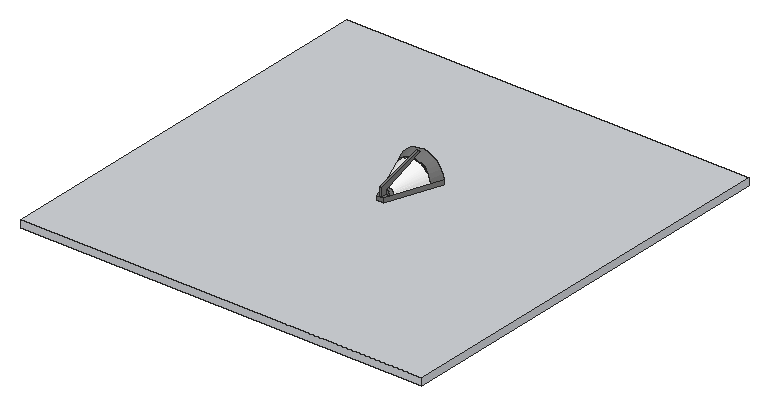
Revit family "Thorn AVENUE WALL", category Lighting Fixtures, host Face, Revit 2016
Family settings
  Host = Face
  Part Type = Normal
  Round Connector Dimension = Use Diameter
  OmniClass Number = 23.80.70.14
  OmniClass Title = Luminaries for External Lighting
  Cut with Voids When Loaded = No
  Light Source = Yes
  Shared = No
  Room Calculation Point = No
Parameters (values of type "AVENUE W300 LED")
  Width = 176 mm  # constant formula
  Wattage Comments = ""
  Wattage = 2.49088 W
  built-in parameter 1150110 = 1 (stored number, unit not read)
  Voltage = 230 V
  URL = "www.thornlighting.com/96258554"
  Type Comments = "© Thorn. We reserve the right to make technical changes without prior notice."  # constant formula
  built-in parameter 1114217 = 1 (stored number, unit not read)
  Tilt Angle = 90.00°
  built-in parameter 1150109 = 1 (stored number, unit not read)
  built-in parameter 1150134 = 3
  built-in parameter 1150113 = 1 (stored number, unit not read)
  Reflector = Thorn_PMMA_Opaque
  Photometric Web File = "96258554_(STD).IES"
  Model = "96258554"
  Manufacturer = "Thorn Lighting"  # constant formula
  built-in parameter 1150105 = 29.444 (stored number, unit not read)
  Lumens = 370 lm
  built-in parameter 1150115 = 1 (stored number, unit not read)
  built-in parameter 1150137 = (empty or 0)
  built-in parameter 1150139 = (empty or 0)
  Length = 313 mm  # constant formula
  built-in parameter 1150112 = 1 (stored number, unit not read)
  built-in parameter 1150114 = 1 (stored number, unit not read)
  Lamp = "LED"
  built-in parameter 1150132 = 2
  built-in parameter 1150102 = (empty or 0)
  built-in parameter 1150107 = 3200 (stored number, unit not read)
  built-in parameter 1150138 = (empty or 0)
  built-in parameter 1150106 = 0.29444 (stored number, unit not read)
  Height = 362 mm  # constant formula
  built-in parameter 1150104 = 13.8 (stored number, unit not read)
  Dimming Lamp Color Temperature Shift = <None>
  Description = "LED luminaire"  # constant formula
  Default Elevation = 0 mm
  Color Filter = 16777215
  Body [instance] = Thorn_Metal_Dark_Grey
  built-in parameter 1114218 = 1 (stored number, unit not read)
  built-in parameter 1150133 = 10 (stored number, unit not read)
  Assembly Code = "D5020200"
  Apparent Load = 15 VA
Reference planes
  plane 1 "Back": z = 0
  plane 2 "Center (Left/Right)": x = 399.5
  plane 3 "Top": z = 176
  plane 4 "Bottom": y = -37
  plane 5: z = 0
  plane 6 "Top Cover": y = 325
  plane 7: y = 144
Forms (mm)
  Extrusion 1, solid
    sketch origin (0, 0, 0) x (1, 0, 0) y (0, 1, 0)
      loop
        line (-1010.5, 1431.145) -> (-1010.5, -1431.145) -> (1809.5, -1431.145) -> (1809.5, 1431.145) -> (-1010.5, 1431.145)
    from 0 to -50
  Extrusion 2, solid, material "Thorn_Metal_Dark_Grey" <- "Body"
    sketch origin (0, 368.199, 0) x (1, 0, 0) y (0, 1, 0)
      loop
        line (527, -48.199) -> (272, -48.199) -> (272, -43.199) -> (244.256, -43.199) -> (376.013, -405.199) -> (422.987, -405.199) -> (554.744, -43.199) -> (527, -43.199) -> (527, -48.199)
    from 0 to 30
  Blend 3, solid, material "Thorn_Metal_Dark_Grey" <- "Body"
    base sketch origin (0, 325, 0) x (-1, 0, 0) y (0, 0, 1)
      loop
        line (-553.978, 30) -> (-244.256, 30)
        arc (-244.256, 30) -> (-399.117, 176) -> (-553.978, 30) r 155.13
    top sketch origin (0, 325, 0) x (-1, 0, 0) y (0, 0, 1)
      loop
        arc (-272.015, 30) -> (-399.117, 148.3) -> (-526.219, 30) r 127.43
        line (-526.219, 30) -> (-272.015, 30)
    from 0 to -76.022
  Blend 4, solid, material "Thorn_Metal_Dark_Grey" <- "Body"
    base sketch origin (0, 24.326, 0) x (-1, 0, 0) y (0, 0, 1)
      loop
        arc (-361.455, 30) -> (-399.5, 58.5) -> (-437.545, 30) r 39.643
        line (-437.545, 30) -> (-361.455, 30)
    top sketch origin (0, 24.326, 0) x (-1, 0, 0) y (0, 0, 1)
      loop
        arc (-353.693, 30) -> (-399.5, 66) -> (-445.307, 30) r 47.143
        line (-445.307, 30) -> (-353.693, 30)
    from -20 to 0
  Blend 5, solid, material "Thorn_PMMA_Opaque" <- "Reflector"
    base sketch origin (0, 248.978, 0) x (-1, 0, 0) y (0, 0, 1)
      loop
        arc (-358.857, 30) -> (-399.5, 61) -> (-440.143, 30) r 42.143
        line (-440.143, 30) -> (-358.857, 30)
    top sketch origin (0, 248.978, 0) x (-1, 0, 0) y (0, 0, 1)
      loop
        arc (-277.028, 30) -> (-399.117, 143.3) -> (-521.206, 30) r 122.43
        line (-521.206, 30) -> (-277.028, 30)
    from -224.653 to 0
  Extrusion 6, solid, material "Thorn_Metal_Dark_Grey" <- "Body"
    sketch origin (399.5, 0, 0) x (0, 0, -1) y (0, -1, 0)
      loop
        line (-176.275, -296.025) -> (-166.359, -298.682) -> (-148.15, -248.978) -> (-143.3, -248.978) -> (-61, -24.326) -> (-66, -24.326) -> (-58.673, -4.326) -> (-30, -4.326) -> (-30, 32.539) -> (-88.236, 32.539) -> (-176.275, -296.025)
    from -7.5 to 7.5
Dimensions and locks
  aligned and locked: Extrusion 1 to plane 1 "Back"
  aligned and locked: plane 7 to imposter light
  aligned and locked: plane 3 "Top" to imposter light
Connectors
  electrical at (399.5, 233.25, 30), driven by "Voltage", driven by "Apparent Load"
    settings: on Extrusion 2, index 1, voltage 230 V, apparent load 15 VA, apparent load phase1 0 VA, apparent load phase2 0 VA, apparent load phase3 0 VA, power factor 1, load classification "Other", number of poles 1, system type 30, power factor state 1, is connector primary yes, connector utility no, sub classification motor no, connector description "Power"
